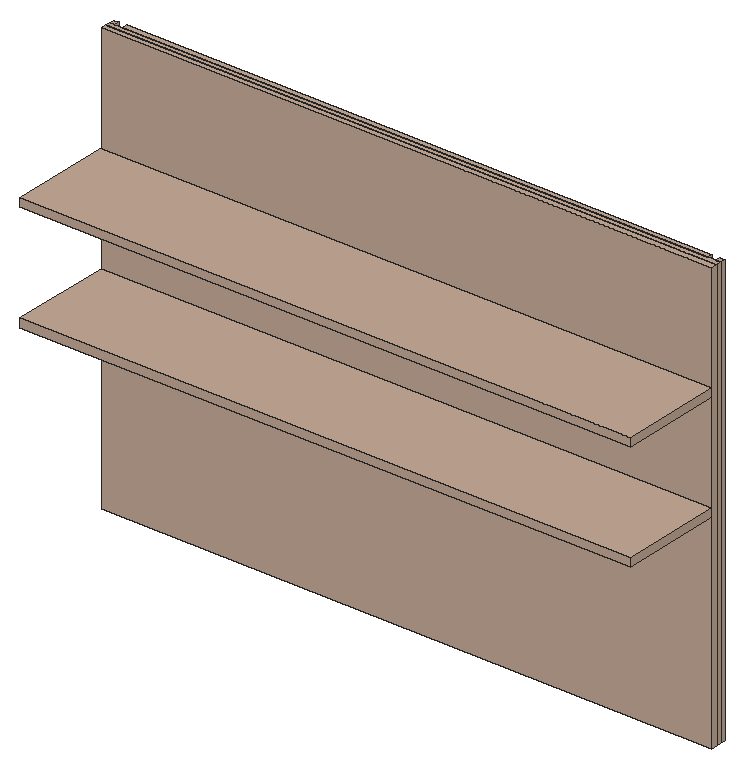
Revit family "Wall_Shelves-Teknion-CWOH_Open-R2021", category Furniture, Revit 2021
Family settings
  OmniClass Number = 23.40.20.00
  OmniClass Title = General Furniture and Specialties
  Work Plane-Based = No
  Always vertical = Yes
  Cut with Voids When Loaded = No
  Shared = Yes
  Room Calculation Point = No
Parameters (values of type "(4H) 4 high, 55"")
  Width [instance] = 78.000"
  Warranty = "http://www.teknion.com/ca/papers/legal-canada"
  Void Cut [instance] = and([(S) Standard, Keep All Shelves], Height = 41.250")  # no
  Unit Weight URL = "http://www.teknion.com/ca/tools/assets#&asset=bee6a381-b954-425e-8283-5a2de3a804f2,f828d448-4b62-4231-9e5f-9a8991c0ed77"
  URL = "www.teknion.com"
  To render please download texture images found here [instance] = "https://assets.teknion.com/web/5e81352c1dfdb467/revit-material-swatches/"
  Sustainability Data = "https://www.teknion.com/ca/tools/assets#&topic=216f99a5-57a0-44fc-b10a-9dee9b29ae4c&asset=444deb64-fe58-4b68-981e-f75e97781df7,b4ff2d81-9f2e-437d-9659-7cffb09c31cf"
  Shelves Finishes [instance] = Veneer-Teknion-LK-Natural_Veneer_V3-Drift_Oak_Flat_Cut
  Series = "Chronicle"  # constant formula
  Product Page URL = "https://www.teknion.com/ca/products/product-details?productLineId=2302c16f-8e7a-673b-a6c8-ff05004460c4"
  Product Line = "Chronicle"  # constant formula
  Product Documentation Link = "https://www.teknion.com/pricing/chronicle/pdfs/Wall-Mounted_Elements_ppg.pdf"
  Part Number = "CWOH"  # constant formula
  Model = "CWOH4H15____"
  Manufacturer Phone = "416-661-3370"  # constant formula
  Manufacturer Fax = "416.661.4586"  # constant formula
  Manufacturer Contact Information = "http://www.teknion.com/ca/contactus"
  Manufacturer Address = "1150 Flint Road, Toronto, ON. M3J 2J5. Canada"  # constant formula
  Manufacturer = "Teknion"  # constant formula
  Knife, Standard [instance] = if([(F) Flat], 12.000", 8.125")  # 12.000"
  (K) Knife [instance] = no
  How To Use Teknion Materials User Guide [instance] = "https://assets.teknion.com/m/205dd0a49fa58060/original/How-to-add-a-Material-Library-and-Texture-Images-to-your-Revit-project.pdf"
  Height = 55.000"
  For Additional Finishes please visit [instance] = "https://assets.teknion.com/m/44a8009b046e5d47/original/Teknion_Materials_Library.zip"
  (F) Flat [instance] = not([(K) Knife])  # yes
  Description = "Open Wall Shelves, (4H) 4 High - 55\""
  Depth = 15.000"
  Default Elevation = 0.000"
  Back Panel Finish [instance] = Veneer-Teknion-LK-Natural_Veneer_V3-Drift_Oak_Flat_Cut
  Available Width [instance] = "24, 30, 36, 42, 48,54, 60, 66, 72, 78, 84, 90, 96, 102 and 108 inches"  # constant formula
  Available Height [instance] = "41.25 and 55 inches"  # constant formula
  Assembly Code = "E2020200"
  4 High, Standard [instance] = not(or([(B) Omit Bottom 2 Shelves], Height = 41.250"))  # yes
  (S) Standard, Keep All Shelves [instance] = no
  (B) Omit Bottom 2 Shelves [instance] = no
  (A) Omit Bottom Shelf [instance] = yes
Types (3): name | Width | Void Cut | Shelves Finishes | Model | Knife, Standard | (K) Knife | Height | (F) Flat | Description | Back Panel Finish | 4 High, Standard | (S) Standard, Keep All Shelves | (A) Omit Bottom Shelf
  (no name) | 78.000" | no | Veneer-Teknion-LK-Natural_Veneer_V3-Drift_Oak_Flat_Cut | "CWOH4H15____" | 12.000" | no | 55.000" | yes | "Open Wall Shelves, (4H) 4 High - 55\"" | Veneer-Teknion-LK-Natural_Veneer_V3-Drift_Oak_Flat_Cut | yes | no | yes
  (3H) 3 High,41.25" | 90.000" | yes | Veneer-Teknion-WW-Natural_Veneer_V3-Windsor_Cherry | "CWOH3H15____" | 8.125" | yes | 41.250" | no | "Open Wall Shelves, (3H) 3 High - 41.25\"" | Veneer-Teknion-WW-Natural_Veneer_V3-Windsor_Cherry | no | yes | no
  (4H) 4 high, 55" | 78.000" | no | Veneer-Teknion-LK-Natural_Veneer_V3-Drift_Oak_Flat_Cut | "CWOH4H15____" | 12.000" | no | 55.000" | yes | "Open Wall Shelves, (4H) 4 High - 55\"" | Veneer-Teknion-LK-Natural_Veneer_V3-Drift_Oak_Flat_Cut | yes | no | yes
Reference planes (in)
  plane 1 "Center Front/Back": y = 0
  plane 2: z = 0
  plane 3 "Center Left/Right": x = 0
  plane 4 "Left": x = -39
  plane 5 "Right": x = 39
  plane 6 "Back": y = 8.125
  plane 7 "Front": y = -6.875
  plane 8 "Top": z = 55
Forms (in)
  Sweep 1, solid, material "Veneer-Teknion-LK-Natural_Veneer_V3-Drift_Oak_Flat_Cut" <- "Back Panel Finish"
    path origin (0, 0, 0) x (1, 0, 0) y (0, 0, 1)
      loop
        line (0, 55) -> (0, 0)
    profile origin (0, 0, 27.5) x (0, -1, 0) y (1, 0, 0)
      loop
        line (-7.5, -39) -> (-6.875, -39) -> (-6.875, 39) -> (-7.5, 39) -> (-7.5, -39)
  Sweep 2, solid, material "Veneer-Teknion-LK-Natural_Veneer_V3-Drift_Oak_Flat_Cut" <- "Shelves Finishes"
    path origin (0, 0, 0) x (1, 0, 0) y (0, 0, 1)
      loop
        line (39, 41.25) -> (39, 40.21063)
    profile origin (39, 0, 40.73031) x (0, -1, 0) y (1, 0, 0)
      loop
        line (6.875, -78) -> (6.875, 0) -> (-6.125, 0) -> (-6.125, -78) -> (6.875, -78)
  Sweep 3, solid, material "Veneer-Teknion-LK-Natural_Veneer_V3-Drift_Oak_Flat_Cut" <- "Shelves Finishes", visible <- "(S) Standard, Keep All Shelves"
    path origin (0, 0, -13.75) x (1, 0, 0) y (0, 0, 1)
      loop
        line (39, 27.5) -> (39, 26.46063)
    profile origin (39, 0, 13.23031) x (0, -1, 0) y (1, 0, 0)
      loop
        line (6.875, -78) -> (6.875, 0) -> (-6.125, 0) -> (-6.125, -78) -> (6.875, -78)
  Sweep 4, solid, material "Veneer-Teknion-LK-Natural_Veneer_V3-Drift_Oak_Flat_Cut" <- "Back Panel Finish"
    path origin (0, 0, 0) x (1, 0, 0) y (0, 0, 1)
      loop
        line (0, 47) -> (0, 55)
    profile origin (0, 0, 51) x (-1, 0, 0) y (0, -1, 0)
      loop
        line (-37.375, -8.125) -> (37.375, -8.125) -> (37.375, -7.5) -> (-37.375, -7.5) -> (-37.375, -8.125)
  Sweep 5, solid, material "Veneer-Teknion-LK-Natural_Veneer_V3-Drift_Oak_Flat_Cut" <- "Back Panel Finish"
    path origin (0, 0, -40) x (1, 0, 0) y (0, 0, 1)
      loop
        line (0, 40) -> (0, 48)
    profile origin (0, 0, 4) x (-1, 0, 0) y (0, -1, 0)
      loop
        line (-37.375, -8.125) -> (37.375, -8.125) -> (37.375, -7.5) -> (-37.375, -7.5) -> (-37.375, -8.125)
  Sweep 6, solid, material "Veneer-Teknion-LK-Natural_Veneer_V3-Drift_Oak_Flat_Cut" <- "Back Panel Finish"
    path origin (0, 0, 0) x (1, 0, 0) y (0, 0, 1)
      loop
        line (39, 0) -> (39, 55)
    profile origin (39, 0, 27.5) x (-1, 0, 0) y (0, -1, 0)
      loop
        line (0.625, -8.125) -> (0.625, -7.5) -> (0, -7.5) -> (0, -8.125) -> (0.625, -8.125)
  Sweep 7, solid, material "Veneer-Teknion-LK-Natural_Veneer_V3-Drift_Oak_Flat_Cut" <- "Back Panel Finish"
    path origin (0, 0, 0) x (1, 0, 0) y (0, 0, 1)
      loop
        line (-39, 55) -> (-39, 0)
    profile origin (-39, 0, 27.5) x (0, -1, 0) y (1, 0, 0)
      loop
        line (-7.5, 0.625) -> (-8.125, 0.625) -> (-8.125, 0) -> (-7.5, 0) -> (-7.5, 0.625)
  Sweep 8, solid, material "Veneer-Teknion-LK-Natural_Veneer_V3-Drift_Oak_Flat_Cut" <- "Back Panel Finish"
    path origin (0, 0, 0) x (1, 0, 0) y (0, 1, 0)
      loop
        line (-39, 8.125) -> (39, 8.125)
    profile origin (0, 8.125, 0) x (0, 1, 0) y (0, 0, 1)
      loop
        line (-2, 55) -> (-2, 0) -> (-1.25, 0) -> (-1.25, 55) -> (-2, 55)
  Sweep 9, void
    path origin (0, 0, 0) x (1, 0, 0) y (0, 1, 0)
      loop
        line (39, -3.875) -> (-39, -3.875)
    profile origin (0, -3.875, 0) x (0, -1, 0) y (0, 0, 1)
      loop
        line (6.875, 40.90217) -> (4.975, 40.21063) -> (4.975, 39.90217) -> (6.875, 39.90217) -> (6.875, 40.90217)
      loop
        line (6.875, 27.15217) -> (4.975, 26.46063) -> (4.975, 26.15217) -> (6.875, 26.15217) -> (6.875, 27.15217)
      loop
        line (6.875, 13.40217) -> (4.975, 12.71063) -> (4.975, 12.40217) -> (6.875, 12.40217) -> (6.875, 13.40217)
  Sweep 10, solid, material "Veneer-Teknion-LK-Natural_Veneer_V3-Drift_Oak_Flat_Cut" <- "Shelves Finishes", visible <- "4 High, Standard"
    path origin (0, 0, 0) x (1, 0, 0) y (0, 1, 0)
      loop
        line (-39, 0) -> (39, 0)
    profile origin (0, 0, 0) x (0, 1, 0) y (0, 0, 1)
      loop
        line (-6.875, 27.5) -> (-6.875, 26.46063) -> (6.125, 26.46063) -> (6.125, 27.5) -> (-6.875, 27.5)
Cuts and joins
  Sweep 9 cuts Sweep 3
  Sweep 9 cuts Sweep 2
  Sweep 9 cuts Sweep 10
Lines and regions (in)
  Masking region 1
    outline origin (0, 0, 0) x (1, 0, 0) y (0, 1, 0)
      loop
        line (-37.375, 8.125) -> (-37.375, 7.5) -> (-38.375, 7.5) -> (-38.375, 8.125) -> (-39, 8.125) -> (-39, -6.875) -> (39, -6.875) -> (39, 8.125) -> (38.375, 8.125) -> (38.375, 7.5) -> (37.375, 7.5) -> (37.375, 8.125) -> (-37.375, 8.125)
  symbolic lines
    curve 1: line (-38.375, 7.5, 0) -> (-38.375, 8.125, 0)
    curve 2: line (-37.375, 8.125, 0) -> (-37.375, 7.5, 0)
    curve 3: line (39, 7.5, 0) -> (-39, 7.5, 0)
    curve 4: line (37.375, 7.5, 0) -> (37.375, 8.125, 0)
    curve 5: line (38.375, 8.125, 0) -> (38.375, 7.5, 0)
    curve 6: line (-39, 6.875, 0) -> (39, 6.875, 0)
    curve 7: line (-39, 6.125, 0) -> (39, 6.125, 0)
  reference lines
    curve 8: line (-39, 8.125, 0) -> (-39, -6.875, 0)
    curve 9: line (39, 8.125, 0) -> (39, -6.875, 0)
    curve 10: line (-39, -6.875, 0) -> (39, -6.875, 0)
    curve 11: line (37.375, 8.125, 0) -> (-37.375, 8.125, 0)
    curve 12: line (-39, 8.125, 0) -> (39, 8.125, 0)
Dimensions and locks (in)
  "Width": plane 4 "Left" to plane 5 "Right"
  locked: plane 6 "Back" to plane 7 "Front" at 15
  "Height": plane 8 "Top" to level
  plane 6 "Back" to Sweep 1 sketch curve to Sweep 1 sketch curve = 0.625" locked, 0.625" locked
  plane 8 "Top" to Sweep 2 sketch curve to Sweep 2 sketch curve = 13.750" locked, 1.03937" locked
  locked: plane 6 "Back" to Sweep 2 sketch curve at 2
  Sweep 3 sketch curve to Sweep 3 sketch curve to plane 2 = 1.03937" locked, 12.71063" locked
  locked: plane 6 "Back" to Sweep 3 sketch curve at 2
  locked: plane 8 "Top" to Sweep 4 sketch curve at 8
  locked: plane 4 "Left" to Sweep 4 sketch curve at 1.625
  locked: Sweep 4 sketch curve to plane 5 "Right" at 1.625
  locked: plane 6 "Back" to Sweep 4 sketch curve at 0.625
  locked: Sweep 5 sketch curve to plane 2 at 8
  locked: plane 6 "Back" to Sweep 5 sketch curve at 0.625
  locked: plane 4 "Left" to Sweep 5 sketch curve at 1.625
  locked: Sweep 5 sketch curve to plane 5 "Right" at 1.625
  locked: plane 6 "Back" to Sweep 6 sketch curve at 0.625
  locked: Sweep 6 sketch curve to plane 5 "Right" at 0.625
  locked: plane 6 "Back" to Sweep 7 sketch curve at 0.625
  locked: plane 4 "Left" to Sweep 7 sketch curve at 0.625
  equal spacing: plane 4 "Left", plane 3 "Center Left/Right", plane 5 "Right"
  Sweep 8 sketch curve to Sweep 8 sketch curve to plane 6 "Back" = 0.750" locked, 1.250" locked
  "Knife, Standard": plane 6 "Back" to Sweep 9 sketch curve
  plane 8 "Top" to Sweep 9 sketch curve to Sweep 9 sketch curve to Sweep 9 sketch curve to Sweep 9 sketch curve to Sweep 9 sketch curve to Sweep 9 sketch curve = 14.09783" locked, 1.000" locked, 12.750" locked, 1.000" locked, 12.750" locked, 1.000" locked
  plane 8 "Top" to Sweep 10 sketch curve to Sweep 10 sketch curve = 27.500" locked, 1.03937" locked
  locked: Sweep 10 sketch curve to plane 6 "Back" at 2
  aligned and locked: level to plane 2
  aligned and locked: Sweep 1 sketch curve to plane 3 "Center Left/Right"
  aligned and locked: plane 8 "Top" to Sweep 1 sketch curve
  aligned and locked: plane 2 to Sweep 1 sketch curve
  aligned and locked: plane 5 "Right" to Sweep 1 sketch curve
  aligned and locked: plane 4 "Left" to Sweep 1 sketch curve
  aligned and locked: plane 5 "Right" to Sweep 2 sketch curve
  aligned and locked: Sweep 2 sketch curve to plane 4 "Left"
  aligned and locked: Sweep 2 sketch curve to plane 5 "Right"
  aligned and locked: Sweep 2 sketch curve to plane 7 "Front"
  aligned and locked: plane 5 "Right" to Sweep 3 sketch curve
  aligned and locked: Sweep 3 sketch curve to plane 7 "Front"
  aligned and locked: Sweep 3 sketch curve to plane 4 "Left"
  aligned and locked: Sweep 3 sketch curve to plane 5 "Right"
  aligned and locked: plane 3 "Center Left/Right" to Sweep 4 sketch curve
  aligned and locked: plane 8 "Top" to Sweep 4 sketch curve
  aligned and locked: plane 6 "Back" to Sweep 4 sketch curve
  aligned and locked: plane 3 "Center Left/Right" to Sweep 5 sketch curve
  aligned and locked: plane 2 to Sweep 5 sketch curve
  aligned and locked: plane 6 "Back" to Sweep 5 sketch curve
  aligned and locked: Sweep 6 sketch curve to plane 5 "Right"  (x2)
  aligned and locked: plane 8 "Top" to Sweep 6 sketch curve
  aligned and locked: plane 2 to Sweep 6 sketch curve
  aligned and locked: Sweep 6 sketch curve to plane 6 "Back"
  aligned and locked: Sweep 7 sketch curve to plane 4 "Left"  (x2)
  aligned and locked: plane 8 "Top" to Sweep 7 sketch curve
  aligned and locked: plane 2 to Sweep 7 sketch curve
  aligned and locked: plane 6 "Back" to Sweep 7 sketch curve
  aligned and locked: Sweep 8 sketch curve to plane 6 "Back"
  aligned and locked: plane 4 "Left" to Sweep 8 sketch curve
  aligned and locked: plane 5 "Right" to Sweep 8 sketch curve
  aligned and locked: plane 8 "Top" to Sweep 8 sketch curve
  aligned and locked: Sweep 8 sketch curve to plane 2
  aligned and locked: plane 5 "Right" to Sweep 9 sketch curve
  aligned and locked: plane 4 "Left" to Sweep 9 sketch curve
  aligned and locked: plane 1 "Center Front/Back" to Sweep 10 sketch curve
  aligned and locked: plane 4 "Left" to Sweep 10 sketch curve
  aligned and locked: plane 5 "Right" to Sweep 10 sketch curve
  aligned and locked: plane 7 "Front" to Sweep 10 sketch curve
  aligned and locked: Masking region 1 sketch curve to plane 6 "Back"
  aligned and locked: Masking region 1 sketch curve to plane 4 "Left"
  aligned and locked: Masking region 1 sketch curve to plane 5 "Right"
  aligned and locked: Masking region 1 sketch curve to plane 7 "Front"
  aligned and locked: curve 1 to Sweep 7
  aligned and locked: curve 2 to Sweep 4
  aligned and locked: curve 3 to Sweep 1
  aligned and locked: curve 4 to Sweep 4
  aligned and locked: curve 5 to Sweep 6
  aligned and locked: curve 6 to Sweep 1
  aligned and locked: nested 1 to plane 6 "Back"
  aligned and locked: plane 4 "Left" to nested 1
  aligned and locked: plane 1 "Center Front/Back" to nested 3
  aligned and locked: plane 3 "Center Left/Right" to nested 3
  aligned and locked: nested 2 to plane 6 "Back"
  aligned and locked: nested 2 to plane 5 "Right"
  aligned and locked: curve 8 to plane 4 "Left"
  aligned and locked: curve 9 to plane 5 "Right"
  aligned and locked: curve 10 to plane 7 "Front"
  aligned and locked: curve 12 to plane 6 "Back"
  aligned and locked: Masking region 1 sketch curve to Sweep 4  (x2)
  aligned and locked: Masking region 1 sketch curve to Sweep 7  (x2)
  aligned and locked: Sweep 7 to Masking region 1 sketch curve
  aligned and locked: Masking region 1 sketch curve to Sweep 6  (x2)
  aligned and locked: Sweep 4 to Masking region 1 sketch curve
Automatic sketch dimensions
  Sweep 9 sketch curve to profile plane = 4.975"  (x3)
  Sweep 9 sketch curve to Sweep 9 sketch curve = 1.900"  (x3)
  Sweep 9 sketch curve to Sweep 9 sketch curve = 0.69154"
  Sweep 9 sketch curve to Sweep 9 sketch curve = 0.30846"  (x2)
  curve 11 to plane 6 "Back" = 0.000"
  curve 12 to curve 11 = 1.625"
  plane 5 "Right" to curve 11 = 1.625"
  curve 3 to plane 4 "Left" = 0.000"
  curve 7 to plane 4 "Left" = 0.000"
  curve 6 to plane 4 "Left" = 0.000"
  curve 7 to plane 5 "Right" = 0.000"
  curve 6 to plane 5 "Right" = 0.000"
  curve 3 to plane 5 "Right" = 0.000"
  curve 2 to plane 6 "Back" = 0.000"
  curve 1 to plane 6 "Back" = 0.000"
  curve 5 to plane 6 "Back" = 0.000"
  curve 4 to plane 6 "Back" = 0.000"
  curve 7 to curve 6 = 0.750"
Nested families (in)
  nested 1: "Teknion_2D_Node_Family-R2021" at (-39, 8.125, 0), type "Teknion_2D_Node_Family-R2021"
  nested 2: "Teknion_2D_Node_Family-R2021" at (39, 8.125, 0), type "Teknion_2D_Node_Family-R2021"
  nested 3: "Teknion_2D_Node_Family-R2021" at (0, 0, 0), type "Teknion_2D_Node_Family-R2021"
Definition of nested family "Teknion_2D_Node_Family-R2021"
  Reference planes (in)
    plane 1 "Center (Front/Back)": y = 0
    plane 2: z = 0
    plane 3 "Center (Left/Right)": x = 0
  Lines and regions (in)
    detail lines, in view "Ref. Level"
      curve 1: circle (0, 0, 0) r 1.25 normal (0, 0, 1)
      curve 2: line (1.91508, -1.91508, 0) -> (-1.91508, 1.91508, 0)
      curve 3: line (-1.91508, -1.91508, 0) -> (1.91508, 1.91508, 0)
